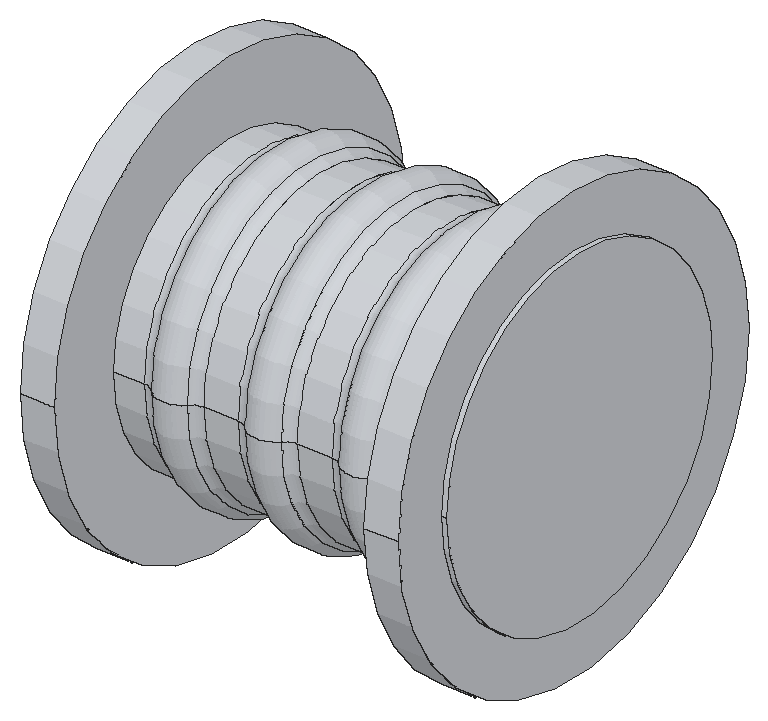
Revit family "ピュアジョイント 150A", category Pipe Accessories, Revit 2024
Family settings
  Round Connector Dimension = Use Diameter
  Part Type = Inline Sensor
  Work Plane-Based = No
  Always vertical = Yes
  Cut with Voids When Loaded = No
  Shared = No
Parameters
  Default Elevation = 0 mm
  DN = 125 mm
Reference planes
  plane 1 "Center (Front/Back)": y = 0
  plane 2: z = 0
  plane 3 "Center (Left/Right)": x = 0
Forms (mm)
  Extrusion 1, solid
    sketch origin (0, 0, 0) x (0, 1, 0) y (0, 0, 1)
      loop
        circle (0, 0) r 106
    from 121 to 125
  Extrusion 2, solid
    sketch origin (0, 0, 0) x (0, 1, 0) y (0, 0, 1)
      loop
        circle (0, 0) r 106
    from -121 to -125
  Extrusion 3, solid
    sketch origin (0, 0, 0) x (0, 1, 0) y (0, 0, 1)
      loop
        circle (0, 0) r 140
    from -121 to -99
  Extrusion 4, solid
    sketch origin (0, 0, 0) x (0, 1, 0) y (0, 0, 1)
      loop
        circle (0, 0) r 140
    from 99 to 121
  Revolve 5, solid
    sketch origin (0, 0, 0) x (1, 0, 0) y (0, 1, 0)
      loop
        line (-79.021, 93.503) -> (-99, 93.503) -> (-99, 0) -> (99, 0) -> (99, 93.503) -> (79.021, 93.503)
        arc (79.021, 93.503) -> (74.942, 94.373) -> (71.572, 96.83) r 10
        arc (71.572, 96.83) -> (60, 102) -> (48.428, 96.83) r 15.537
        arc (48.428, 96.83) -> (45.058, 94.373) -> (40.979, 93.503) r 10
        line (40.979, 93.503) -> (19.021, 93.503)
        arc (19.021, 93.503) -> (14.942, 94.373) -> (11.572, 96.83) r 10
        arc (11.572, 96.83) -> (0, 102) -> (-11.572, 96.83) r 15.537
        arc (-11.572, 96.83) -> (-14.942, 94.373) -> (-19.021, 93.503) r 10
        line (-19.021, 93.503) -> (-40.979, 93.503)
        arc (-40.979, 93.503) -> (-45.058, 94.373) -> (-48.428, 96.83) r 10
        arc (-48.428, 96.83) -> (-60, 102) -> (-71.572, 96.83) r 15.537
        arc (-71.572, 96.83) -> (-74.942, 94.373) -> (-79.021, 93.503) r 10
      axis (99, 0) -> (-99, 0)
    angle from 0 to 360
Dimensions and locks
  aligned and locked: level to plane 2
Connectors
  piping at (-125, 0, 0), diameter 125, driven by "DN"
    settings: on Extrusion 2, index 1, connector inside diameter 609.6 mm, connector length 0 mm, flow factor 0, pipe flow 0.0 L/s, pressure drop 0.0 Pa, fitting loss kfactor 0, connector angle 0.00°, fixture units 0, engagement length 0 mm, angle of deflection 0.00°, flow configuration 0, flow direction 0, fitting loss method 0, system type 7, joint type 0, gender type 0, connector reference index -1, connector utility 0, adjustable connector no, is connector primary yes, connector description ""
  piping at (125, 0, 0), diameter 125, driven by "DN"
    settings: on Extrusion 1, index 2, connector inside diameter 609.6 mm, connector length 0 mm, flow factor 0, pipe flow 0.0 L/s, pressure drop 0.0 Pa, fitting loss kfactor 0, connector angle 0.00°, fixture units 0, engagement length 0 mm, angle of deflection 0.00°, flow configuration 0, flow direction 0, fitting loss method 0, system type 7, joint type 0, gender type 0, connector reference index -1, connector utility 0, adjustable connector no, is connector primary no, connector description ""
